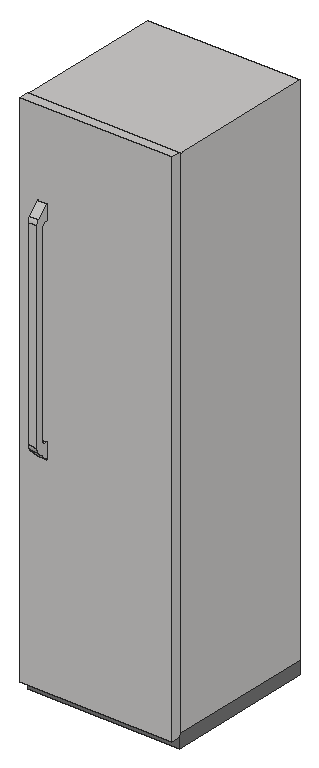
Revit family "DRR24980RAP", category Specialty Equipment, Revit 2014
Parameters (values of type "DRR24980RAP")
  iQ RemoteView™ Camera = "Yes (2 ea)"
  Width = 23 3/4"
  Volts (V) = "115"
  Unit = Stainless Steel
  Total Unit Gross Capacity (cu.ft.) - AHAM = "13.7 cu. ft."
  Support = Plastic-Black
  Special Modes = "Sabbath Mode"
  Shelf Material = "Tempered, Metal Trim, Spill-Proof"
  Refrigerator Gross Capacity (cu.ft.) = "13.7 cu. ft."
  Refrigerator - Power Cool = "34°F (1°C)"
  Refrigerator = "34°F (1°C) to 44°F (7°C)"
  Push-To-Open™ Door Assist = "Yes"
  Precise Cooling = "Yes"
  Power Cord Length (in.) = "78 3/4\""
  Power Cool = "Yes"
  Plug Type = "120 V, 3 Prong"
  Panel Ready = "Yes"
  Model = "DRR24980RAP"
  Manufacturer = "Dacor"
  Lighting = "3DLighting™"
  Internal Water Dispenser = "Yes"
  Interior Material = "SteelCool™ Stainless Steel Interior"
  Height = 83 3/8"
  Handle = Stainless Steel
  Full Width Shelves = "4 ea"
  Full Extension Drawers at 90º Door Opening Angle = "Yes"
  FreshZone™ Drawer = "Yes - Cheese (37°F) / Cold Drinks (33°F) / Meat (29°F)"
  Frequency (Hz) = "60"
  ENERGY STAR® Qualified = "Yes"
  Door Swing = "Right"
  Door Open Alarm = "Yes"
  Door Bins = "4 ea"
  Door = Stainless Steel
  Description = "24-INCH REFRIGERATOR COLUMN, RIGHT-HINGE"
  Depth = 25"
  Deodorizing Filter = "Yes"
  Dedicated Evaporator & Compressor System = "Yes"
  Current (A) = "3"
  Crisper Drawers = "2 ea"
  Annual Energy Consumption = "260 kWy/year"
Reference planes (in)
  plane 1 "Center (Front/Back)": y = 0
  plane 2: z = 0
  plane 3 "Center (Left/Right)": x = 0
  plane 4: y = 12.5
  plane 5: y = -12.5
  plane 6: x = -11.875
  plane 7: x = 11.875
  plane 8: z = 83.375
  plane 9: z = 2
  plane 10: y = -14.375
  plane 11: y = -11
Forms (in)
  Extrusion 1, solid, material "Stainless Steel" <- "Unit"
    sketch origin (0, 0, 0) x (1, 0, 0) y (0, 1, 0)
      loop
        line (-11.875, -11) -> (-10.875, -11) -> (-10.875, 11.375) -> (10.875, 11.375) -> (10.875, -11) -> (11.875, -11) -> (11.875, 12.5) -> (-11.875, 12.5) -> (-11.875, -11)
    from 2 to 83.375
  Extrusion 2, solid, material "Stainless Steel" <- "Handle"
    sketch origin (0, 0, 0) x (1, 0, 0) y (0, 0, 1)
      loop
        line (-11.875, 1.57503) -> (11.875, 1.57503) -> (11.875, 83.5) -> (-11.875, 83.5) -> (-11.875, 1.57503)
    from 11 to 12.5
  Extrusion 3, solid, material "Plastic-Black" <- "Support"
    sketch origin (0, 0, 0) x (0, 1, 0) y (0, 0, 1)
      loop
        line (12.5, 2) -> (-11, 2) -> (-11, 0) -> (12.5, 0) -> (12.5, 2)
    from -11.875 to 11.875
  Extrusion 4, solid, material "Stainless Steel" <- "Unit"
    sketch origin (0, 0, 83.375) x (1, 0, 0) y (0, 1, 0)
      loop
        line (-10.875, 11.375) -> (-10.875, -11) -> (10.875, -11) -> (10.875, 11.375) -> (-10.875, 11.375)
    from 0 to -1.14126
  Extrusion 5, solid, material "Stainless Steel" <- "Handle"
    sketch origin (-0.5, 0, 0) x (0, 1, 0) y (0, 0, 1)
      loop
        line (-12.5, 70.125) -> (-14.08211, 68.54289)
        arc (-14.08211, 68.54289) -> (-14.29888, 68.21847) -> (-14.375, 67.83579) r 1
        line (-14.375, 67.83579) -> (-14.375, 64.9375) -> (-13.4375, 64.9375) -> (-13.4375, 67.1875) -> (-12.96875, 67.65625) -> (-12.5, 67.65625) -> (-12.5, 70.125)
    from -8.55491 to -7.21363
  Extrusion 6, solid, material "Stainless Steel" <- "Handle"
    sketch origin (-0.5, 0, 104.5) x (0, 1, 0) y (0, 0, 1)
      loop
        line (-12.5, -70.25) -> (-12.5, -67.78125) -> (-12.96875, -67.78125) -> (-13.4375, -67.3125) -> (-13.4375, -65.0625) -> (-14.375, -65.0625) -> (-14.375, -67.85723)
        arc (-14.375, -67.85723) -> (-14.27985, -68.33559) -> (-14.00888, -68.74112) r 1.25
        line (-14.00888, -68.74112) -> (-12.5, -70.25)
    from -8.55491 to -7.21363
  Extrusion 7, solid, material "Stainless Steel" <- "Handle"
    sketch origin (0.75, 0, 0) x (1, 0, 0) y (0, 1, 0)
      loop
        line (-9.80491, -13.4375) -> (-9.80491, -14.375) -> (-8.46363, -14.375) -> (-8.46363, -13.4375) -> (-9.80491, -13.4375)
    from 65.0625 to 39.4375
Cuts and joins
  joined: Extrusion 1, Extrusion 4
  joined: Extrusion 5, Extrusion 6, Extrusion 7
Dimensions and locks (in)
  equal spacing: plane 6, plane 3 "Center (Left/Right)", plane 7
  "Width": plane 6 to plane 7
  equal spacing: plane 4, plane 1 "Center (Front/Back)", plane 5
  "Depth": plane 4 to plane 5
  "Height": plane 8 to plane 2
  plane 9 to plane 2 = 2"
  plane 5 to plane 10 = 1 7/8"
  plane 11 to plane 5 = 1 1/2"
  Extrusion 3 to Extrusion 3 = 23 3/4"
  Extrusion 2 to Extrusion 3 = 25"
  Extrusion 3 to cut or joined group of Extrusion 1, Extrusion 4 = 83 3/8"
  aligned and locked: level to plane 2
  aligned and locked: Extrusion 3 to plane 6
  aligned and locked: plane 7 to Extrusion 3
Automatic sketch dimensions
  Extrusion 1 sketch curve to plane 6 = 0"
  Extrusion 1 sketch curve to plane 11 = 0"  (x2)
  Extrusion 1 sketch curve to plane 7 = 0"
  Extrusion 1 sketch curve to plane 4 = 0"
  Extrusion 1 sketch curve to Extrusion 1 sketch curve = 1"
  Extrusion 1 sketch curve to plane 7 = 1"
  Extrusion 1 sketch curve to plane 4 = 1 1/8"
  Extrusion 2 sketch curve to plane 6 = 0"
  Extrusion 2 sketch curve to plane 7 = 0"
  Extrusion 2 sketch curve to plane 9 = 0.42497"
  plane 8 to Extrusion 2 sketch curve = 1/8"
  Extrusion 3 sketch curve to plane 9 = 0"
  Extrusion 3 sketch curve to plane 11 = 0"
  Extrusion 3 sketch curve to level = 0"
  Extrusion 3 sketch curve to plane 4 = 0"
  Extrusion 1 to Extrusion 4 sketch curve = 0"  (x2)
  Extrusion 4 sketch curve to Extrusion 1 = 0"  (x2)
  Extrusion 5 sketch curve to plane 10 = 0"
  Extrusion 5 sketch curve to plane 5 = 0"
  Extrusion 5 sketch curve to plane 10 = 0.29289"
  Extrusion 5 sketch curve to plane 5 = 15/16"
  Extrusion 5 sketch curve to Extrusion 5 sketch curve = 1/16"
  Extrusion 5 sketch curve to Extrusion 5 sketch curve = 13/32"
  Extrusion 5 sketch curve to plane 8 = 18 7/16"
  Extrusion 5 sketch curve to Extrusion 5 sketch curve = 2 1/4"
  Extrusion 5 sketch curve to Extrusion 5 sketch curve = 15/32"
  Extrusion 5 sketch curve to Extrusion 5 sketch curve = 0.64829"
  Extrusion 5 sketch curve to Extrusion 5 sketch curve = 1.58211"
  Extrusion 6 sketch curve to plane 10 = 0"
  Extrusion 6 sketch curve to plane 5 = 0"
  Extrusion 6 sketch curve to plane 10 = 0.36612"
  Extrusion 6 sketch curve to plane 5 = 15/16"
  Extrusion 6 sketch curve to plane 5 = 5/8"
  Extrusion 6 sketch curve to Extrusion 6 sketch curve = 5/32"
  plane 9 to Extrusion 6 sketch curve = 32 1/4"
  Extrusion 6 sketch curve to Extrusion 6 sketch curve = 1.50888"
  Extrusion 6 sketch curve to Extrusion 6 sketch curve = 0.07598"
  Extrusion 6 sketch curve to Extrusion 6 sketch curve = 0.54473"
  Extrusion 6 sketch curve to Extrusion 6 sketch curve = 2 1/4"
  plane 10 to Extrusion 7 sketch curve = 0"
  plane 6 to Extrusion 7 sketch curve = 2.82009"
  Extrusion 7 sketch curve to Extrusion 7 sketch curve = 1.34127"
  Extrusion 7 sketch curve to plane 5 = 15/16"
